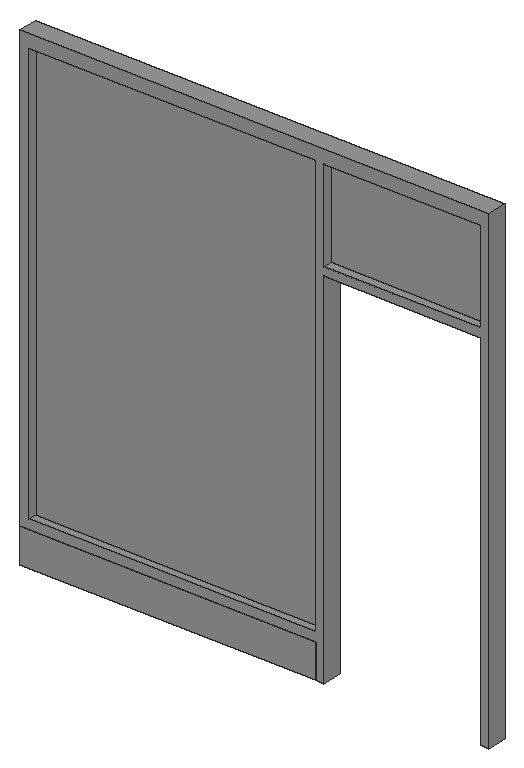
Revit family "Window W4", category Windows, host Wall, Revit 2025
Family settings
  Host = Wall
  OmniClass Number = 23.30.20.00
  OmniClass Title = Windows
  Always vertical = Yes
  Cut with Voids When Loaded = No
  Shared = No
  Room Calculation Point = No
Parameters (values of type "W4")
  Height = 48"
  Glass Width = 0.5"
  Glass Material = Glass, Clear Glazing, Tempered
  Frame Size = 2"
  Frame Material = Laminate, Black
  Default Sill Height = 36"
  Wall Closure = By host
  Width = 4.5"
Reference planes (in)
  plane 1 "Center (Front/Back)": y = 0
  plane 2: z = 0
  plane 3 "Center (Left/Right)": x = 0
  plane 4 "Sill": z = 36
  plane 5: y = 2.25
  plane 6: y = -2.25
  plane 7: y = 0.25
  plane 8: y = -0.25
Forms (in)
  Extrusion 1, solid, material "Laminate, Black" <- "Frame Material"
    sketch origin (0, 0, 0) x (1, 0, 0) y (0, 0, 1)
      loop
        line (39, 146.20957) -> (-69, 146.20957) -> (-69, 44) -> (-1, 44) -> (-1, 36) -> (1, 36) -> (1, 120) -> (37, 120) -> (37, 36) -> (39, 36) -> (39, 146.20957)
      loop
        line (-1, 143.20957) -> (-67, 143.20957) -> (-67, 46) -> (-1, 46) -> (-1, 143.20957)
      loop
        line (37, 143.20957) -> (1, 143.20957) -> (1, 122) -> (37, 122) -> (37, 143.20957)
    from -2.25 to 2.25
  Extrusion 2, solid, material "Glass, Clear Glazing, Tempered" <- "Glass Material"
    sketch origin (0, 0, 0) x (1, 0, 0) y (0, 0, 1)
      loop
        line (-1, 143.20957) -> (-67, 143.20957) -> (-67, 46) -> (-1, 46) -> (-1, 143.20957)
      loop
        line (37, 143.20957) -> (1, 143.20957) -> (1, 122) -> (37, 122) -> (37, 143.20957)
    from -0.25 to 0.25
  Extrusion 3, solid, material "Laminate, Black" <- "Frame Material"
    sketch origin (0, 0, 0) x (1, 0, 0) y (0, 0, 1)
      loop
        line (-1, 44) -> (-69, 44) -> (-69, 36) -> (-1, 36) -> (-1, 44)
    from -2.25 to 2.25
Lines and regions (in)
  Opening 1
    outline origin (-60, -7, 0) x (1, 0, 0) y (0, 0, 1)
      loop
        line (-9, 146.20957) -> (-9, 36) -> (99, 36) -> (99, 146.20957) -> (-9, 146.20957)
Text (in)
  text "EXTERIOR" at (-58.6888, 50.90694, 0), in view "Ref. Level"
  text "INTERIOR" at (-58.6888, -37.76638, 0), in view "Ref. Level"
  text "Exterior" at (0, 43.65631, 123.19604), in view "Left"
  text "Exterior" at (0, 18.29385, 125.04747), in view "Right"
Dimensions and locks (in)
  "Default Sill Height": plane 2 to plane 4 "Sill"
  equal spacing: Extrusion 1 sketch curve, plane 3 "Center (Left/Right)", Extrusion 1 sketch curve
  "Frame Size": Extrusion 1 sketch curve to Extrusion 1 sketch curve  (x5)
  Extrusion 1 sketch curve to Extrusion 1 sketch curve = 66"
  Extrusion 1 sketch curve to Extrusion 1 sketch curve = 36"
  plane 4 "Sill" to Extrusion 1 sketch curve = 84"
  plane 4 "Sill" to Extrusion 1 sketch curve = 8"
  Extrusion 1 sketch curve to Extrusion 1 sketch curve = 3"  (x2)
  equal spacing: plane 5, plane 1 "Center (Front/Back)", plane 6
  "Width": plane 5 to plane 6
  equal spacing: plane 7, plane 1 "Center (Front/Back)", plane 8
  "Glass Width": plane 7 to plane 8
  aligned and locked: plane 4 "Sill" to Opening 1 sketch curve  (x2)
  aligned and locked: level to plane 2
  aligned and locked: Extrusion 1 sketch curve to Extrusion 1 sketch curve
  aligned and locked: Extrusion 1 to Opening 1 sketch curve  (x2)
  aligned and locked: Opening 1 sketch curve to Extrusion 1
  aligned and locked: plane 5 to Extrusion 1
  aligned and locked: Extrusion 1 to plane 6
  aligned and locked: Extrusion 1 to Extrusion 2 sketch curve  (x4)
  aligned and locked: Extrusion 2 sketch curve to Extrusion 1  (x4)
  aligned and locked: Extrusion 2 to plane 8
  aligned and locked: Extrusion 2 to plane 7
  aligned and locked: plane 5 to Extrusion 3
  aligned and locked: Extrusion 3 to plane 6
Automatic sketch dimensions
  Extrusion 3 sketch curve to plane 4 "Sill" = 0"
  Extrusion 3 sketch curve to plane 4 "Sill" = 8"
  Extrusion 3 sketch curve to plane 3 "Center (Left/Right)" = 69"
  Extrusion 3 sketch curve to plane 3 "Center (Left/Right)" = 1"
  Extrusion 1 sketch curve to plane 4 "Sill" = 0"  (x2)
  Extrusion 1 sketch curve to plane 3 "Center (Left/Right)" = 1"
  Extrusion 1 sketch curve to Extrusion 1 sketch curve = 2"
  Extrusion 1 sketch curve to Extrusion 1 sketch curve = 21.20957"
